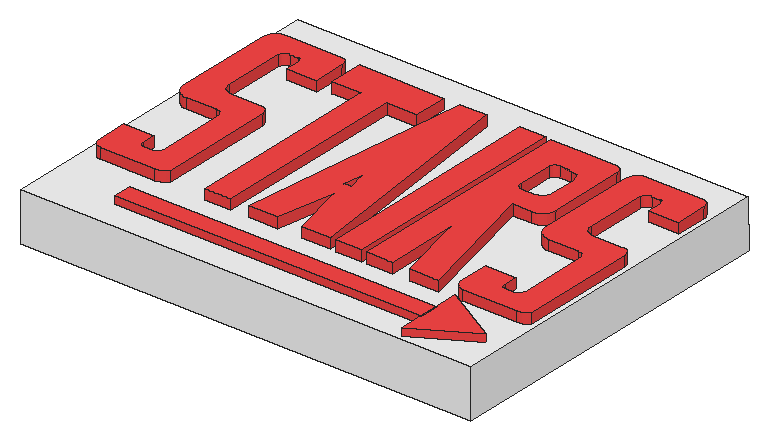
Revit family "CLS_Wall", category Lighting Fixtures, host Face, Revit 2014
Parameters (values of type "CLS-S-STAIRS-Right_Arrow")
  zz Length 1 [instance] = if([EXIT - Single Face], 0.200", 0.250")  # 0.250"
  Watts = 3.72 W
  Wattage Comments = "3.72 W"
  Warranty = "Fixture: 5 Years Full; Battery: 2 Years Full, 8 Years Pro-Rata"  # constant formula
  Wall Plate Material = Hubbell - Black
  Voltage [instance] = if(Is 120VAC, 120 V, 277 V)  # 120 V
  URL = "https://www.hubbell.com/dual-lite/en"
  Type Comments = "Exit Light"  # constant formula
  EXIT - Single Face = no
  STAIR - Single Face = yes
  Right Arrow - Single = yes
  Product Page URL = "https://www.hubbell.com/dual-lite/en/Products/Lighting-Controls/Emergency-Exit-Lighting/Exit-Message-Signs/CLS/p/222327"
  Product Documentation Link = "https://hubbellcdn.com/specsheet/0603521_cls_spec.pdf"
  Model = "CLS"
  Manufacturer = "DUAL-LITE"  # constant formula
  Load Classification = Lighting
  Lens = Hubbell - Red Glass
  Left Arrow - Single = no
  Lamp = "LED Lamp"  # constant formula
  Is 277VAC [instance] = not(Is 120VAC)  # no
  Is 120VAC [instance] = yes
  Holder Material = Hubbell - Steel
  Glass = Hubbell - Glass
  Finish = Hubbell - White
  Features = "Improved one-piece design in AC or emergency operation\r\nHighly reliable and energy efficient LED illumination\r\nLong lasting Nickel Cadmium Battery\r\nGlass panels with EXIT or STAIRS"  # constant formula
  End = C : C1
  Description = "The CLS Series offers bright and even LED EXIT or STAIRS glass panel illumination with Red letters, white LED's and a 20 gauge, durable steel housing. Features include AC or Emergency operation in single or double face. 120/277 VAC input. City of Chicago approved."  # constant formula
  Default Elevation = 48.000"
  Certification = "UL 924 Listed\r\nNFPA 101 Life Safety Code\r\nCEC T20 Compliant"  # constant formula
  Arrow Base - Single = yes
  Application = "The Sempra® MR Series are a set of compact, low-profile Master/\r\nRemote exit sign featuring cast aluminum construction. It allows for\r\neasy installation and has energy saving, long-life LED lamps. "  # constant formula
  Apparent Load = Watts  # 3.72 VA
Types (8): name | zz Length 1 | EXIT - Single Face | STAIR - Single Face | Right Arrow - Single | Left Arrow - Single | Glass | Arrow Base - Single
  CLS-S-EXIT-No_arrows | 0.200" | yes | no | no | no | Hubbell - light Glass | no
  CLS-S-EXIT-Right_Arrow | 0.200" | yes | no | yes | no | Hubbell - light Glass | yes
  CLS-S-EXIT-Left_Arrow | 0.200" | yes | no | no | yes | Hubbell - light Glass | yes
  CLS-S-EXIT-Double_Arrow | 0.200" | yes | no | yes | yes | Hubbell - light Glass | yes
  CLS-S-STAIRS-No_Arrows | 0.250" | no | yes | no | no | Hubbell - Glass | no
  CLS-S-STAIRS-Right_Arrow | 0.250" | no | yes | yes | no | Hubbell - Glass | yes
  CLS-S-STAIRS-Left_Arrow | 0.250" | no | yes | no | yes | Hubbell - Glass | yes
  CLS-S-STAIRS-Double_Arrow | 0.250" | no | yes | yes | yes | Hubbell - Glass | yes
Reference planes (in)
  plane 1 "Center (Front/Back)": y = 0
  plane 2: z = 0
  plane 3 "Center (Left/Right)": x = 0
  plane 4: x = -6.25
  plane 5: x = 6.25
  plane 6: x = -2.75
  plane 7: x = 2.75
  plane 8: z = 9.3
  plane 9: y = -1.25
  plane 10: y = 1.25
  plane 11: y = -2.2
  plane 12: y = 2.2
Dimensions and locks (in)
  plane 4 to plane 3 "Center (Left/Right)" = 6.250"
  equal spacing: plane 4, plane 3 "Center (Left/Right)", plane 5
  equal spacing: plane 6, plane 3 "Center (Left/Right)", plane 7
  plane 6 to plane 3 "Center (Left/Right)" = 2.750"
  plane 7 to plane 6 = 5.500"
  plane 5 to plane 4 = 12.500"
  aligned and locked: plane 2 to host face
  aligned and locked: level to host face
Automatic sketch dimensions
  host sketch curve to host sketch curve = 96.000"  (x2)
Nested families (in)
  nested 1: "C" at (-0.14499, 0, -0.73324), type <- "End", type "C1"
Connectors (in)
  electrical at (-0.14499, -0.05926, 0.76258)
    settings: on nested 1, index 1, voltage 120 V, apparent load 3 VA, apparent load phase1 0 VA, apparent load phase2 0 VA, apparent load phase3 0 VA, power factor 1, load classification "Other", number of poles 1, system type 30, power factor state 1, is connector primary yes, connector utility no, sub classification motor no, connector description ""
Definition of nested family "C"
  Parameters (values of type "C1")
    STAIRS-Single Face = no
    EXIT-Single Face = yes
    Right Arrow - Single = yes
    Lens = Hubbell - Red Glass
    Left Arrow - Single = no
    Glass = Hubbell - light Glass
    Finish = Hubbell - White
    EXIT-Double Face = no
    Arrow base - Single = yes
  Reference planes (in)
    plane 1 "Center (Front/Back)": y = 0
    plane 2: z = 0
    plane 3 "Center (Left/Right)": x = 0
    plane 4: x = -5.625
    plane 5: x = 5.625
    plane 6: y = 0.866
    plane 7: y = -0.866
    plane 8: z = 12.375
  Forms (in)
    Extrusion 1, solid, material "Hubbell - White" <- "Finish"
      sketch origin (0, -4.83426, 0.87082) x (-1, 0, 0) y (0, -1, 0)
        loop
          line (-5.875, -9.3) -> (5.875, -9.3) -> (5.875, -0.25) -> (-5.875, -0.25) -> (-5.875, -9.3)
      from -0.625 to 0.625
    Extrusion 2, solid, material "Hubbell - light Glass" <- "Glass", visible <- "EXIT-Single Face"
      sketch origin (0, -4.83426, 0.87082) x (-1, 0, 0) y (0, -1, 0)
        loop
          line (-5.875, -9.305) -> (5.875, -9.305) -> (5.875, -0.25) -> (-5.875, -0.25) -> (-5.875, -9.305)
      from 0.625 to 0.89107
    Extrusion 3, solid, material "Hubbell - Red Glass" <- "Lens", visible <- "EXIT-Single Face"
      sketch origin (0, -2.95926, 2.33957) x (0, 1, 0) y (1, 0, 0)
        loop
          line (6.45678, -2.43416) -> (5.97564, -2.43416) -> (5.97564, -3.5716) -> (3.97225, -3.5716) -> (3.97225, -2.43416) -> (3.36683, -2.43416) -> (3.3823, -3.55274) -> (1.3823, -3.55274) -> (1.3823, -2.30274) -> (0.8823, -2.30274) -> (0.8823, -4.05274) -> (6.45678, -4.05274) -> (6.45678, -2.43416)
        loop
          line (6.45573, -1.58093) -> (6.45573, -0.95036) -> (5.69418, -0.67318) -> (6.45573, -0.396) -> (6.45573, 0.23457) -> (3.66954, -0.40867) -> (0.88335, 0.23457) -> (0.88335, -0.396) -> (1.64489, -0.67318) -> (0.88335, -0.95036) -> (0.88335, -1.53078) -> (3.56092, -0.91261) -> (6.45573, -1.58093)
        loop
          line (6.47228, 1.71319) -> (0.88335, 1.71319) -> (0.88335, 1.04357) -> (6.47228, 1.04357) -> (6.47228, 1.71319)
        loop
          line (6.47228, 4.89234) -> (5.74075, 4.89234) -> (5.74075, 4.02003) -> (0.88335, 4.02003) -> (0.88335, 3.35041) -> (5.74075, 3.35041) -> (5.74075, 2.38057) -> (6.47228, 2.38057) -> (6.47228, 4.89234)
      from 0.625 to 0.84093
    Extrusion 4, solid, material "Hubbell - light Glass" <- "Glass", visible <- "EXIT-Double Face"
      sketch origin (0, -4.83426, 2.30832) x (0, 1, 0) y (1, 0, 0)
        loop
          line (9.3, -5.875) -> (9.3, 5.875) -> (0.25, 5.875) -> (0.25, -5.875) -> (9.3, -5.875)
      from 0.625 to 0.84093
    Extrusion 5, solid, material "Hubbell - Red Glass" <- "Lens", not visible
      sketch origin (5.9025, -0.05676, 2.33339) x (0, -1, 0) y (1, 0, 0)
        loop
          line (3.26823, -9.93122) -> (3.76823, -9.93122) -> (3.76823, -1.93122) -> (3.26823, -1.93122) -> (3.26823, -9.93122)
      from -0.866 to -0.65007
    Extrusion 6, solid, material "Hubbell - Red Glass" <- "Lens", not visible
      sketch origin (5.9025, -0.05676, 2.33339) x (0, -1, 0) y (1, 0, 0)
        loop
          line (4.39221, -9.92839) -> (3.77618, -9.92839) -> (3.27618, -9.92839) -> (2.66016, -9.92839) -> (3.52618, -11.42839) -> (4.39221, -9.92839)
      from -0.866 to -0.65007
    Extrusion 7, solid, material "Hubbell - Red Glass" <- "Lens", not visible
      sketch origin (-5.95995, -0.05676, 2.33339) x (0, -1, 0) y (1, 0, 0)
        loop
          line (4.39221, 9.92839) -> (3.52618, 11.42839) -> (2.66016, 9.92839) -> (3.27618, 9.92839) -> (3.77618, 9.92839) -> (4.39221, 9.92839)
      from -0.866 to -0.65007
    Extrusion 8, solid, material "Hubbell - Red Glass" <- "Lens", visible <- "Arrow base - Single"
      sketch origin (5.9025, -0.05676, 2.33339) x (-1, 0, 0) y (0, -1, 0)
        loop
          line (9.93122, 3.26823) -> (9.93122, 3.76823) -> (1.93122, 3.76823) -> (1.93122, 3.26823) -> (9.93122, 3.26823)
      from -0.866 to -0.65007
    Extrusion 9, solid, material "Hubbell - Red Glass" <- "Lens", visible <- "Left Arrow - Single"
      sketch origin (5.9025, -0.05676, 2.33339) x (-1, 0, 0) y (0, -1, 0)
        loop
          line (9.92839, 4.39221) -> (9.92839, 3.77618) -> (9.92839, 3.27618) -> (9.92839, 2.66016) -> (11.42839, 3.52618) -> (9.92839, 4.39221)
      from -0.866 to -0.65007
    Extrusion 10, solid, material "Hubbell - Red Glass" <- "Lens", visible <- "Right Arrow - Single"
      sketch origin (-5.95995, -0.05676, 2.33339) x (-1, 0, 0) y (0, -1, 0)
        loop
          line (-9.92839, 4.39221) -> (-11.42839, 3.52618) -> (-9.92839, 2.66016) -> (-9.92839, 3.27618) -> (-9.92839, 3.77618) -> (-9.92839, 4.39221)
      from -0.866 to -0.65007
    Extrusion 11, solid, material "Hubbell - Red Glass" <- "Lens", visible <- "STAIRS-Single Face"
      sketch origin (-5.9025, 0.50574, 0.89589) x (-1, 0, 0) y (0, -1, 0)
        loop
          line (-2.19677, -1.88113) -> (-2.19677, -2.69478)
          arc (-2.19677, -2.69478) -> (-2.12355, -2.87155) -> (-1.94677, -2.94478) r 0.25
          line (-1.94677, -2.94478) -> (-0.54083, -2.94478)
          arc (-0.54083, -2.94478) -> (-0.29754, -2.84401) -> (-0.19677, -2.60072) r 0.34405
          line (-0.19677, -2.60072) -> (-0.19677, -0.02929)
          arc (-0.19677, -0.02929) -> (-0.3039, 0.22934) -> (-0.56253, 0.33647) r 0.36576
          line (-0.56253, 0.33647) -> (-1.31851, 0.33647)
          arc (-1.31851, 0.33647) -> (-1.45185, 0.375) -> (-1.54409, 0.47871) r 0.25
          line (-1.54409, 0.47871) -> (-1.54409, 2.31495)
          arc (-1.54409, 2.31495) -> (-1.49236, 2.43984) -> (-1.36747, 2.49157) r 0.17663
          line (-1.36747, 2.49157) -> (-1.16329, 2.49157)
          arc (-1.16329, 2.49157) -> (-1.079, 2.45666) -> (-1.04409, 2.37237) r 0.1192
          line (-1.04409, 2.37237) -> (-1.04409, 1.99157) -> (-0.25958, 1.99157) -> (-0.25958, 2.80522)
          arc (-0.25958, 2.80522) -> (-0.3328, 2.982) -> (-0.50958, 3.05522) r 0.25
          line (-0.50958, 3.05522) -> (-1.91552, 3.05522)
          arc (-1.91552, 3.05522) -> (-2.07394, 3.01658) -> (-2.19677, 2.90934) r 0.34405
          line (-2.19677, 2.90934) -> (-2.19677, -0.09988)
          arc (-2.19677, -0.09988) -> (-2.12355, -0.27666) -> (-1.94677, -0.34988) r 0.25
          line (-1.94677, -0.34988) -> (-1.16226, -0.34988)
          arc (-1.16226, -0.34988) -> (-0.98548, -0.4231) -> (-0.91226, -0.59988) r 0.25
          line (-0.91226, -0.59988) -> (-0.91226, -2.20451)
          arc (-0.91226, -2.20451) -> (-0.96399, -2.3294) -> (-1.08888, -2.38113) r 0.17663
          line (-1.08888, -2.38113) -> (-1.29306, -2.38113)
          arc (-1.29306, -2.38113) -> (-1.37735, -2.34622) -> (-1.41226, -2.26193) r 0.1192
          line (-1.41226, -2.26193) -> (-1.41226, -1.88113) -> (-2.19677, -1.88113)
        loop
          line (-4.66984, -2.91247) -> (-2.47057, -2.91247) -> (-2.47057, -2.0247) -> (-3.21788, -2.0247) -> (-3.21788, 3.05145) -> (-3.8875, 3.05145) -> (-3.8875, -2.0247) -> (-4.66984, -2.0247) -> (-4.66984, -2.91247)
        loop
          line (-6.63357, -2.94372) -> (-6.63357, 3.05926) -> (-7.30319, 3.05926) -> (-7.30319, -2.94372) -> (-6.63357, -2.94372)
        loop
          line (-5.08785, -2.91247) -> (-4.35511, 3.05522) -> (-5.10511, 3.05522) -> (-5.3912, 1.58343) -> (-5.73818, 3.05522) -> (-6.48818, 3.05522) -> (-5.78633, -2.91247) -> (-5.08785, -2.91247)
        loop
          line (-5.38371, 0.65691) -> (-5.29169, 1.13031) -> (-5.49532, 1.13031) -> (-5.38371, 0.65691)
        loop
          line (-7.44857, -2.94372) -> (-7.44857, 3.05926) -> (-8.11819, 3.05926) -> (-8.11819, 1.15884) -> (-8.56662, 3.06092) -> (-9.31662, 3.06092) -> (-8.5125, -0.34988) -> (-9.02445, -0.34988)
          arc (-9.02445, -0.34988) -> (-9.26751, -0.45056) -> (-9.36819, -0.69362) r 0.34374
          line (-9.36819, -0.69362) -> (-9.36819, -2.69372)
          arc (-9.36819, -2.69372) -> (-9.29497, -2.8705) -> (-9.11819, -2.94372) r 0.25
          line (-9.11819, -2.94372) -> (-8.11819, -2.94372) -> (-7.44857, -2.94372)
        loop
          arc (-8.28281, -2.19372) -> (-8.16641, -2.14551) -> (-8.11819, -2.0291) r 0.16462
          line (-8.11819, -2.0291) -> (-8.11819, -1.11412)
          arc (-8.11819, -1.11412) -> (-8.1681, -0.99363) -> (-8.28859, -0.94372) r 0.1704
          line (-8.28859, -0.94372) -> (-8.61819, -0.94372)
          arc (-8.61819, -0.94372) -> (-8.79497, -1.01695) -> (-8.86819, -1.19372) r 0.25
          line (-8.86819, -1.19372) -> (-8.86819, -1.89265)
          arc (-8.86819, -1.89265) -> (-8.78001, -2.10554) -> (-8.56711, -2.19372) r 0.30108
          line (-8.56711, -2.19372) -> (-8.28281, -2.19372)
        loop
          line (-11.63427, -1.88113) -> (-11.63427, -2.69478)
          arc (-11.63427, -2.69478) -> (-11.56105, -2.87155) -> (-11.38427, -2.94478) r 0.25
          line (-11.38427, -2.94478) -> (-9.97833, -2.94478)
          arc (-9.97833, -2.94478) -> (-9.73504, -2.84401) -> (-9.63427, -2.60072) r 0.34405
          line (-9.63427, -2.60072) -> (-9.63427, -0.02929)
          arc (-9.63427, -0.02929) -> (-9.7414, 0.22934) -> (-10.00003, 0.33647) r 0.36576
          line (-10.00003, 0.33647) -> (-10.75601, 0.33647)
          arc (-10.75601, 0.33647) -> (-10.88935, 0.375) -> (-10.98159, 0.47871) r 0.25
          line (-10.98159, 0.47871) -> (-10.98159, 2.31495)
          arc (-10.98159, 2.31495) -> (-10.92986, 2.43984) -> (-10.80497, 2.49157) r 0.17663
          line (-10.80497, 2.49157) -> (-10.60079, 2.49157)
          arc (-10.60079, 2.49157) -> (-10.5165, 2.45666) -> (-10.48159, 2.37237) r 0.1192
          line (-10.48159, 2.37237) -> (-10.48159, 1.99157) -> (-9.69708, 1.99157) -> (-9.69708, 2.80522)
          arc (-9.69708, 2.80522) -> (-9.7703, 2.982) -> (-9.94708, 3.05522) r 0.25
          line (-9.94708, 3.05522) -> (-11.35302, 3.05522)
          arc (-11.35302, 3.05522) -> (-11.51144, 3.01658) -> (-11.63427, 2.90934) r 0.34405
          line (-11.63427, 2.90934) -> (-11.63427, -0.09988)
          arc (-11.63427, -0.09988) -> (-11.56105, -0.27666) -> (-11.38427, -0.34988) r 0.25
          line (-11.38427, -0.34988) -> (-10.59976, -0.34988)
          arc (-10.59976, -0.34988) -> (-10.42298, -0.4231) -> (-10.34976, -0.59988) r 0.25
          line (-10.34976, -0.59988) -> (-10.34976, -2.20451)
          arc (-10.34976, -2.20451) -> (-10.40149, -2.3294) -> (-10.52638, -2.38113) r 0.17663
          line (-10.52638, -2.38113) -> (-10.73056, -2.38113)
          arc (-10.73056, -2.38113) -> (-10.81485, -2.34622) -> (-10.84976, -2.26193) r 0.1192
          line (-10.84976, -2.26193) -> (-10.84976, -1.88113) -> (-11.63427, -1.88113)
      from 0.59993 to 0.866
  Dimensions and locks (in)
    plane 8 to plane 2 = 12.375"
    plane 5 to plane 3 "Center (Left/Right)" to plane 4 = 5.625", 5.625"
    plane 5 to plane 4 = 11.250"
    aligned and locked: plane 2 to level
